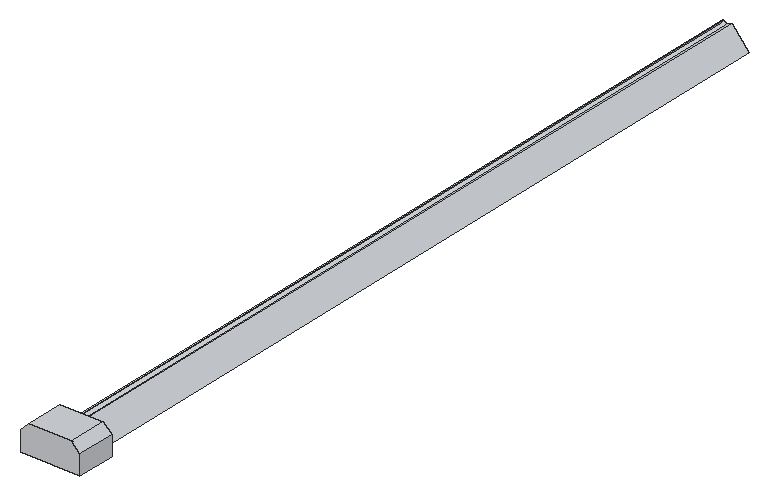
Revit family "HL3(DX3)-20-75", category Mechanical Equipment, Revit 2012
Parameters
  Weight = "120 Pounds"
  Voltage = 120 V
  URL = "www.DetroitRadiant.com"
  Top Clearance = 0' - 6"
  Stage = "HL3 (Two), DX3 (Single)"
  Side Clearance = 0' - 9"
  Recommended Mounting Height = "12' to 20'"
  Model = "HL3(DX3)-20-75"
  Material (Radiant Tubes) = "Black Coated Aluminized Steel"
  Material (Combustion Tube) = "Black Coated Aluminized Steel"
  Manufacturer = "Detroit Radiant Products Company"
  Note = "Low fire input for HL3 series only"
  Length = 21' - 9"
  Heat Gain (Low Fire) = 50000.0 Btu/h
  Heat Gain (High Fire) = 75000.0 Btu/h
  Gas Type = "N or LP"
  Frequency = 60 Hz
  Below Clearance = 5' - 0"
Reference planes (in)
  plane 1 "Center (Front/Back)": y = 0
  plane 2: z = 0
  plane 3 "Center (Left/Right)": x = 0
Dimensions and locks (in)
  aligned and locked: plane 2 to level
Nested families (in)
  nested 1: "V3 Box With 20' Tube Assembly" at (0, 0, 0) x (-1, 0, 0) z (0, 0, 1), type "Infra-Red"
Definition of nested family "V3 Box With 20' Tube Assembly"
  Parameters (values of type "Infra-Red")
    Weight = ""
    Voltage = 0 V
    URL = "www.DetroitRadiant.com"
    Top Clearance = 0' - 0"
    Stage = ""
    Side Clearances = 0' - 0"
    Recommended Mounting Height = ""
    Material = ""
    Manufacturer = "Detroit Radiant Products Company"
    Length = 0' - 0"
    Heat Gain (Low Fire) = 0.0 Btu/h
    Heat Gain (High Fire) = 0.0 Btu/h
    Gas Type = ""
    Frequency = 0 Hz
    Current = 0 A
    Below Clearance = 0' - 0"
    Back Clearance = 0' - 0"
    Apparent Power = 0 VA
  Reference planes (in)
    plane 1 "Center (Front/Back)": y = 0
    plane 2: z = 0
    plane 3 "Center (Left/Right)": x = 0
  Forms (in)
    Extrusion 1, solid
      sketch origin (0, 0, 0) x (1, 0, 0) y (0, 0, 1)
        loop
          line (-6.375, 8.625) -> (-9, 6) -> (-9, 0) -> (9.5, 0) -> (9.5, 6) -> (6.875, 8.625) -> (-6.375, 8.625)
      from 12 to 0
    Extrusion 2, solid
      sketch origin (0, -5, 0) x (1, 0, 0) y (0, 0, 1)
        loop
          line (-6.25, 1.1425) -> (-6, 1.1425) -> (-1.00787, 7.21737) -> (0.25, 6.625) -> (1.50787, 7.21737) -> (6.5, 1.1425) -> (6.75, 1.1425) -> (1.54, 7.4825) -> (0.25, 6.875) -> (-1.04, 7.4825) -> (-6.25, 1.1425)
      from 256 to 7
  Lines and regions (in)
    model lines
      curve 1: line (-9, 0, 0) -> (9.5, 0, 0)
  Dimensions and locks (in)
    aligned and locked: plane 2 to level
  Nested families (in)
    nested 1: "10' Tube (Black)" at (13.81098, -247, 0) x (0, 1, 0) z (0, 0, 1), type "10' Burner"
    nested 2: "10'" at (13.81098, -128, 0) x (0, 1, 0) z (0, 0, 1), type "10' Burner"
  Definition of nested family "10' Tube (Black)"
    Parameters (values of type "10' Burner")
      h = 0.0 Btu/h
      Tube = none
      Reflector = none
      Heating = 50000 VA  # 170607.1 Btu/h
      Hanger = none
    Reference planes (in)
      plane 1 "Center (Front/Back)": y = 0
      plane 2: z = 0
      plane 3 "Center (Left/Right)": x = 0
    Forms (in)
      Extrusion 1, solid, material "Default 3"
        sketch origin (99, 292.12195, 0) x (0, -1, 0) y (0, 0, 1)
          loop
            circle (278.56098, 1.61442) r 2
          loop
            circle (278.56098, 1.61442) r 1.80078
        from 109 to 0
      Extrusion 2, solid, material "Default 3"
        sketch origin (-14, -265, 0) x (0, 1, 0) y (0, 0, 1)
          loop
            circle (278.56098, 1.61442) r 1.60156
          loop
            circle (278.56098, 1.61442) r 1.80078
        from 4 to 0
    Lines and regions (in)
      model lines
        curve 1: circle (0, 13.56098, 1.61442) r 1.80078 normal (1, 0, 0)
        curve 2: circle (0, 13.56098, 1.61442) r 1.60156 normal (1, 0, 0)
    Dimensions and locks (in)
      aligned and locked: plane 2 to level
  Definition of nested family "10'"
    Parameters (values of type "Tube")
      h = 0.0 Btu/h
      Tube = none
      Reflector = none
      Heating = 50000 VA  # 170607.1 Btu/h
      Hanger = none
    Types (2): name
      10' Burner
      Tube
    Reference planes (in)
      plane 1 "Center (Front/Back)": y = 0
      plane 2: z = 0
      plane 3 "Center (Left/Right)": x = 0
    Forms (in)
      Extrusion 1, solid, material "Default 3"
        sketch origin (116, 292.12195, 0) x (0, -1, 0) y (0, 0, 1)
          loop
            circle (278.56098, 1.61442) r 2
          loop
            circle (278.56098, 1.61442) r 1.80078
        from 136 to 0
      Extrusion 2, solid, material "Default 3"
        sketch origin (-24, -265, 0) x (0, 1, 0) y (0, 0, 1)
          loop
            circle (278.56098, 1.61442) r 1.60156
          loop
            circle (278.56098, 1.61442) r 1.80078
        from 4 to 0
    Lines and regions (in)
      model lines
        curve 1: circle (0, 13.56098, 1.61442) r 1.80078 normal (1, 0, 0)
        curve 2: circle (0, 13.56098, 1.61442) r 1.60156 normal (1, 0, 0)
    Dimensions and locks (in)
      aligned and locked: plane 2 to level
